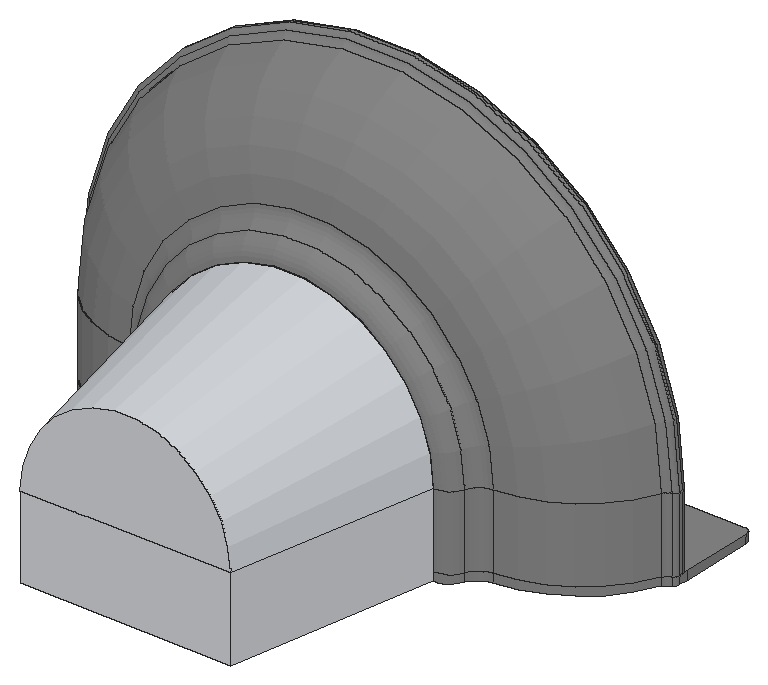
Revit family "Washfountain_3_Staion-Willoughby-WAF-3603-WALL", category Plumbing Fixtures, Revit 2015
Parameters (values of type "Standard")
  water line = Copper
  Waste Connection = no
  Vent Connection = no
  URL = "https://www.willoughby-ind.com/wp-content/uploads/2018/01/WAF-3603.pdf"
  Type Comments = ""
  Solid Surface Sink = Solid Surface Acrylic Resin-Willoughby
  Revision = "A"
  Model = "WAF-3603-WALL"
  Manufacturer = "Willoughby Industries"
  Lav Waste DIA = 1 1/2"
  Lav Waste Connection = yes
  LAV HW DIA = 1/2"
  LAV CW DIA = 1/2"
  HW Connection = yes
  Fixture Body = Stainless Steel AISI 304-Willoughby
  Description = "Wall Mounted 3 Station Washfountain"
  Default Elevation = 0' - 0"
  Contact = "(800) 428-4065"
  CW Connection = yes
Reference planes (in)
  plane 1 "Center (Front/Back)Floor HGT": y = 0
  plane 2: z = 0
  plane 3 "Center (Left/Right)": x = 0
  plane 4 "unit body HGT": y = 39
  plane 5: y = 39.5
  plane 6 "Sink HGT": y = 34
  plane 7 "Sink Drain": y = 20.5
  plane 8: x = -6.845
  plane 9: x = 6.845
  plane 10: x = -27
  plane 11: z = 27
  plane 12 "Splash Face": z = 0.5
  plane 13: z = 13.25
  plane 14: x = -13.25
  plane 15: x = 13.25
  plane 16 "Water Supply": y = 17
  plane 17 "Hot Supply": x = 4
  plane 18 "Cold Supply": x = 8
  plane 19 "bubbler HGT": y = 35.66
  plane 20: x = 8.5
  plane 21: y = 26.5
  plane 22: x = -18
  plane 23: x = 18
  plane 24: x = -18
  plane 25: x = 18
  plane 26: y = 26.5
  plane 27: y = 21.9375
  plane 28: z = 24.5
  plane 29: x = 18
  plane 30: x = -18
  plane 31 "Bowl Arc": z = 5
  plane 32: x = -1
  plane 33: x = -4
  plane 34 "Base HGT": y = 15
Forms (in)
  Extrusion 1, solid, material "Solid Surface Acrylic Resin-Willoughby" <- "Solid Surface Sink"
    sketch origin (0, 0, 0) x (1, 0, 0) y (0, 1, 0)
      loop
        line (-18, 34) -> (-18, 33.54)
        arc (-18, 33.54) -> (-17.93397, 33.32403) -> (-17.75847, 33.18191) r 0.38621
        arc (-17.75847, 33.18191) -> (-17.54572, 33.0411) -> (-17.40491, 32.82836) r 0.63983
        arc (-17.40491, 32.82836) -> (-14.86978, 29.58014) -> (-11, 28.165) r 7.48756
        arc (-11, 28.165) -> (-10.3473, 27.91757) -> (-9.9375, 27.3525) r 1.21847
        arc (-9.9375, 27.3525) -> (-9.45265, 26.72076) -> (-8.6875, 26.5) r 1.27482
        line (-8.6875, 26.5) -> (8.6875, 26.5)
        arc (8.6875, 26.5) -> (9.44401, 26.73341) -> (9.9375, 27.3525) r 1.34267
        arc (9.9375, 27.3525) -> (10.35539, 27.90699) -> (11, 28.165) r 1.29166
        arc (11, 28.165) -> (14.86978, 29.58014) -> (17.40491, 32.82836) r 7.48756
        arc (17.40491, 32.82836) -> (17.54572, 33.0411) -> (17.75847, 33.18191) r 0.63983
        arc (17.75847, 33.18191) -> (17.93397, 33.32403) -> (18, 33.54) r 0.38621
        line (18, 33.54) -> (18, 34) -> (18, 38.5)
        arc (18, 38.5) -> (17.85355, 38.85355) -> (17.5, 39) r 0.5
        line (17.5, 39) -> (0, 39) -> (-17.5, 39)
        arc (-17.5, 39) -> (-17.85355, 38.85355) -> (-18, 38.5) r 0.5
        line (-18, 38.5) -> (-18, 34)
    from 0 to 0.5
  Revolve 2, solid, material "Solid Surface Acrylic Resin-Willoughby" <- "Solid Surface Sink"
    sketch origin (0, 0, 5) x (1, 0, 0) y (0, 1, 0)
      loop
        line (18, 33.54) -> (18, 33.75)
        arc (18, 33.75) -> (17.92678, 33.92678) -> (17.75, 34) r 0.25
        arc (17.75, 34) -> (17.59277, 33.93487) -> (17.52764, 33.77764) r 0.22236
        arc (17.52764, 33.77764) -> (17.51299, 33.66399) -> (17.43525, 33.57981) r 0.1886
        arc (17.43525, 33.57981) -> (17.14057, 33.33951) -> (16.94132, 33.01566) r 1.13983
        arc (16.94132, 33.01566) -> (14.57548, 29.98435) -> (10.96411, 28.66371) r 6.98756
        arc (10.96411, 28.66371) -> (10.04796, 28.3181) -> (9.46929, 27.5282) r 1.71847
        arc (9.46929, 27.5282) -> (9.15925, 27.14443) -> (8.6875, 27) r 0.84267
        line (8.6875, 27) -> (0, 27) -> (0, 26.5) -> (8.6875, 26.5)
        arc (8.6875, 26.5) -> (9.44401, 26.73341) -> (9.9375, 27.3525) r 1.34267
        arc (9.9375, 27.3525) -> (10.3473, 27.91757) -> (11, 28.165) r 1.21847
        arc (11, 28.165) -> (14.86978, 29.58014) -> (17.40491, 32.82836) r 7.48756
        arc (17.40491, 32.82836) -> (17.54572, 33.0411) -> (17.75847, 33.18191) r 0.63983
        arc (17.75847, 33.18191) -> (17.93397, 33.32403) -> (18, 33.54) r 0.38621
      axis (0, 34) -> (0, 26.5)
    angle from 0 to -180
  Extrusion 3, solid, material "Solid Surface Acrylic Resin-Willoughby" <- "Solid Surface Sink", detail levels medium+fine
    sketch origin (0, 39, 1.75) x (-1, 0, 0) y (0, 0, 1)
      loop
        line (0, -1.75) -> (6.845, -1.75) -> (6.845, 1.24167) -> (5.04, 7.48)
        arc (5.04, 7.48) -> (4.17688, 8.92892) -> (2.59, 9.5) r 2.5
        line (2.59, 9.5) -> (0, 9.5) -> (-2.59, 9.5)
        arc (-2.59, 9.5) -> (-4.17688, 8.92892) -> (-5.04, 7.48) r 2.5
        line (-5.04, 7.48) -> (-6.845, 1.24167) -> (-6.845, -1.75) -> (0, -1.75)
    from 0 to 0.5
  Extrusion 4, solid, material "Solid Surface Acrylic Resin-Willoughby" <- "Solid Surface Sink", detail levels medium+fine
    sketch origin (0.09262, 39, 0) x (-1, 0, 0) y (0, 0, 1)
      loop
        line (-6.25, 2.95528) -> (-6.25, 0) -> (6.43762, 0) -> (6.43762, 3.00494) -> (4.66673, 9.12536)
        arc (4.66673, 9.12536) -> (3.85732, 10.29855) -> (2.50539, 10.75) r 2.25
        line (2.50539, 10.75) -> (0, 10.75) -> (-2.25348, 10.75)
        arc (-2.25348, 10.75) -> (-3.64532, 10.28523) -> (-4.47862, 9.07741) r 2.31641
        line (-4.47862, 9.07741) -> (-6.25, 2.95528)
    from 0 to -5
  Revolve 5, solid, material "Stainless Steel AISI 304-Willoughby" <- "Fixture Body", detail levels medium+fine
    sketch origin (0, 20.5, 0) x (-1, 0, 0) y (0, 0, 1)
      loop
        line (0, 0) -> (0.75, 0) -> (0.75, 3) -> (0, 3) -> (0, 0)
      axis (0, 3) -> (0, 0)
    angle from 0 to 360
  Revolve 6, solid, material "Copper" <- "water line", detail levels medium+fine
    sketch origin (-8, 17, 0) x (-1, 0, 0) y (0, 0, 1)
      loop
        line (-4, 0) -> (-3.75, 0) -> (-3.75, 3) -> (-4, 3) -> (-4, 0)
      axis (-4, 3) -> (-4, 0)
    angle from 0 to 360
  Revolve 7, solid, material "Copper" <- "water line", detail levels medium+fine
    sketch origin (-9, 17, 0) x (-1, 0, 0) y (0, 0, 1)
      loop
        line (-8, 0) -> (-7.75, 0) -> (-7.75, 3) -> (-8, 3) -> (-8, 0)
      axis (-8, 3) -> (-8, 0)
    angle from 0 to 360
  Revolve 8, solid, material "Stainless Steel AISI 304-Willoughby" <- "Fixture Body", detail levels fine
    sketch origin (0, 35.66, 1.75) x (-1, 0, 0) y (0, 0, 1)
      loop
        line (0, 9) -> (0.75, 9) -> (0.75, 9.5)
        arc (0.75, 9.5) -> (0.53033, 10.03033) -> (0, 10.25) r 0.75
        line (0, 10.25) -> (0, 9)
      axis (0, 10.25) -> (0, 9)
    angle from 0 to 360
  Revolve 9, solid, material "Stainless Steel AISI 304-Willoughby" <- "Fixture Body", detail levels fine
    sketch origin (0, 0, 1.75) x (0, 1, 0) y (0, 0, 1)
      loop
        line (34.91, 9.5) -> (35.26355, 9.85355) -> (34.91, 10.20711) -> (34.55645, 9.85355) -> (34.91, 9.5)
      axis (34.91, 10.20711) -> (35.26355, 9.85355)
    angle from 0 to 360
  Revolve 10, solid, material "Stainless Steel AISI 304-Willoughby" <- "Fixture Body", detail levels fine
    sketch origin (-3.23665, 35.66, 3.68155) x (-0.275637, 0, 0.961262) y (0.961262, 0, 0.275637)
      loop
        line (0, 9) -> (0.75, 9) -> (0.75, 9.5)
        arc (0.75, 9.5) -> (0.53033, 10.03033) -> (0, 10.25) r 0.75
        line (0, 10.25) -> (0, 9)
      axis (0, 10.25) -> (0, 9)
    angle from 0 to 360
  Revolve 11, solid, material "Stainless Steel AISI 304-Willoughby" <- "Fixture Body", detail levels fine
    sketch origin (-3.23665, 0, 3.68155) x (0, 1, 0) y (0.961262, 0, 0.275637)
      loop
        line (34.91, 9.5) -> (35.26355, 9.85355) -> (34.91, 10.20711) -> (34.55645, 9.85355) -> (34.91, 9.5)
      axis (34.91, 10.20711) -> (35.26355, 9.85355)
    angle from 0 to 360
  Revolve 12, solid, material "Stainless Steel AISI 304-Willoughby" <- "Fixture Body", detail levels fine
    sketch origin (3.23665, 35.66, 3.73945) x (0.275637, 0, 0.961262) y (-0.961262, 0, 0.275637)
      loop
        line (0, 9) -> (0.75, 9) -> (0.75, 9.5)
        arc (0.75, 9.5) -> (0.53033, 10.03033) -> (0, 10.25) r 0.75
        line (0, 10.25) -> (0, 9)
      axis (0, 10.25) -> (0, 9)
    angle from 0 to 360
  Revolve 13, solid, material "Stainless Steel AISI 304-Willoughby" <- "Fixture Body", detail levels fine
    sketch origin (3.23665, 0, 3.73945) x (0, 1, 0) y (0.961262, 0, -0.275637)
      loop
        line (34.91, -9.5) -> (34.55645, -9.85355) -> (34.91, -10.20711) -> (35.26355, -9.85355) -> (34.91, -9.5)
      axis (34.91, -10.20711) -> (35.26355, -9.85355)
    angle from 0 to 360
  Extrusion 14, solid, material "Solid Surface Acrylic Resin-Willoughby" <- "Solid Surface Sink"
    sketch origin (0, 0, 0.5) x (1, 0, 0) y (0, 1, 0)
      loop
        line (-8.6875, 26.5) -> (8.6875, 26.5)
        arc (8.6875, 26.5) -> (9.44401, 26.73341) -> (9.9375, 27.3525) r 1.34267
        arc (9.9375, 27.3525) -> (10.35539, 27.90699) -> (11, 28.165) r 1.29166
        arc (11, 28.165) -> (14.86978, 29.58014) -> (17.40491, 32.82836) r 7.48756
        arc (17.40491, 32.82836) -> (17.54572, 33.0411) -> (17.75847, 33.18191) r 0.63983
        arc (17.75847, 33.18191) -> (17.93397, 33.32403) -> (18, 33.54) r 0.38621
        line (18, 33.54) -> (18, 33.75)
        arc (18, 33.75) -> (17.92678, 33.92678) -> (17.75, 34) r 0.25
        arc (17.75, 34) -> (17.59277, 33.93487) -> (17.52764, 33.77764) r 0.22236
        arc (17.52764, 33.77764) -> (17.51299, 33.66399) -> (17.43525, 33.57981) r 0.1886
        arc (17.43525, 33.57981) -> (17.14057, 33.33951) -> (16.94132, 33.01566) r 1.13983
        arc (16.94132, 33.01566) -> (14.57548, 29.98435) -> (10.96411, 28.66371) r 6.98756
        arc (10.96411, 28.66371) -> (10.04796, 28.3181) -> (9.46929, 27.5282) r 1.71847
        arc (9.46929, 27.5282) -> (9.16493, 27.13602) -> (8.6875, 27) r 0.79718
        line (8.6875, 27) -> (-8.6875, 27)
        arc (-8.6875, 27) -> (-9.15925, 27.14443) -> (-9.46929, 27.5282) r 0.84267
        arc (-9.46929, 27.5282) -> (-10.05996, 28.30229) -> (-10.96411, 28.66371) r 1.8295
        arc (-10.96411, 28.66371) -> (-14.57548, 29.98435) -> (-16.94132, 33.01566) r 6.98756
        arc (-16.94132, 33.01566) -> (-17.14057, 33.33951) -> (-17.43525, 33.57981) r 1.13983
        arc (-17.43525, 33.57981) -> (-17.51299, 33.66399) -> (-17.52764, 33.77764) r 0.1886
        arc (-17.52764, 33.77764) -> (-17.59277, 33.93487) -> (-17.75, 34) r 0.22236
        arc (-17.75, 34) -> (-17.92678, 33.92678) -> (-18, 33.75) r 0.25
        line (-18, 33.75) -> (-18, 33.54)
        arc (-18, 33.54) -> (-17.93397, 33.32403) -> (-17.75847, 33.18191) r 0.38621
        arc (-17.75847, 33.18191) -> (-17.54572, 33.0411) -> (-17.40491, 32.82836) r 0.63983
        arc (-17.40491, 32.82836) -> (-14.86978, 29.58014) -> (-11, 28.165) r 7.48756
        arc (-11, 28.165) -> (-10.3473, 27.91757) -> (-9.9375, 27.3525) r 1.21847
        arc (-9.9375, 27.3525) -> (-9.44401, 26.73341) -> (-8.6875, 26.5) r 1.34267
    from 0 to 4.5
  Extrusion 15, solid
    sketch origin (0, 0, 0) x (1, 0, 0) y (0, 1, 0)
      loop
        line (-8.6875, 26.5) -> (-6.34375, 14.1875) -> (6.34375, 14.1875) -> (8.6875, 26.5) -> (-8.6875, 26.5)
    from 0 to 5
  Revolve 16, solid
    sketch origin (0, 0, 5) x (1, 0, 0) y (0, 1, 0)
      loop
        line (0, 26.5) -> (-8.6875, 26.5) -> (-6.34375, 14.1875) -> (0, 14.1875) -> (0, 26.5)
      axis (0, 26.5) -> (0, 14.1875)
    angle from 0 to -180
Lines and regions (in)
  symbolic lines
    curve 1: line (-17.5, 39, 0) -> (17.5, 39, 0)
    curve 4: line (6.2697, 39, 0) -> (6.845, 39, 0)
    curve 5: line (6.845, 39.5, 0) -> (-6.75, 39.5, 0)
    curve 6: line (-6.75, 39.5, 0) -> (-6.75, 39, 0)
    curve 9: line (0, 34, 22.67789) -> (0, 34, 0.5)
    curve 10: line (0, 34, 0.5) -> (0, 39, 0.5)
    curve 11: line (0, 39, 0.5) -> (0, 39, 0)
    curve 17: line (-18, 35.66, 0.5) -> (-18, 35.66, 0)
    curve 18: line (-18, 35.66, 0) -> (18, 35.66, 0)
    curve 19: line (6.845, 39.5, 0) -> (6.845, 39, 0)
    curve 20: line (0, 39.5, 11.25) -> (0, 39, 11.25)
    curve 21: line (0, 39, 11.25) -> (0, 39, 10.75)
    curve 22: line (0, 39, 10.75) -> (0, 34, 10.75)
    curve 23: arc (0, 34, 22.67789) -> (0, 33.95299, 22.89661) -> (0, 33.75569, 23.00209) r 0.26598
    curve 24: line (0, 33.75569, 23.00209) -> (0, 33.55418, 23.00209)
    curve 25: arc (0, 33.55418, 23.00209) -> (0, 33.33875, 22.94032) -> (0, 33.18878, 22.77377) r 0.40654
    curve 26: arc (0, 33.18878, 22.77377) -> (0, 33.05692, 22.56218) -> (0, 32.85504, 22.41587) r 0.64934
    curve 27: arc (0, 32.85504, 22.41587) -> (0, 29.5627, 19.86362) -> (0, 28.15276, 15.94373) r 7.45819
    curve 28: arc (0, 28.15276, 15.94373) -> (0, 27.91092, 15.31473) -> (0, 27.3525, 14.9375) r 1.12273
    curve 29: arc (0, 27.3525, 14.9375) -> (0, 26.73748, 14.44124) -> (0, 26.5, 13.6875) r 1.3666
    curve 30: line (0, 26.5, 13.6875) -> (0, 26.5, 0)
    curve 31: line (0, 26.5, 13.6875) -> (0, 21.93698, 13.6875)
    curve 32: line (0, 21.93698, 13.6875) -> (0, 21.93698, 0)
    curve 33: line (0, 14.97711, 0) -> (0, 14.97711, 11.25)
    curve 34: line (0, 14.97711, 11.25) -> (0, 21.93698, 11.25)
    curve 35: line (18, 35.66, 0) -> (18, 35.66, 5)
    curve 36: arc (18, 35.66, 5) -> (0, 35.66, 23) -> (-18, 35.66, 5) r 18
    curve 37: line (-18, 35.66, 5) -> (-18, 35.66, 0)
    curve 48: arc (-17.5, 39, 5) -> (-17.85355, 38.85355, 5) -> (-18, 38.5, 5) r 0.5
    curve 49: line (-18, 38.5, 5) -> (-18, 33.75, 5)
    curve 50: line (-18, 33.75, 5) -> (-18, 33.54, 5)
    curve 51: arc (-18, 33.54, 5) -> (-17.93397, 33.32403, 5) -> (-17.75847, 33.18191, 5) r 0.38621
    curve 52: arc (-17.75847, 33.18191, 5) -> (-17.54572, 33.0411, 5) -> (-17.40491, 32.82836, 5) r 0.63983
    curve 53: arc (-17.40491, 32.82836, 5) -> (-14.86978, 29.58014, 5) -> (-11, 28.165, 5) r 7.48756
    curve 54: arc (-11, 28.165, 5) -> (-10.3473, 27.91757, 5) -> (-9.9375, 27.3525, 5) r 1.21847
    curve 55: arc (-9.9375, 27.3525, 5) -> (-9.45265, 26.72076, 5) -> (-8.6875, 26.5, 5) r 1.27482
    curve 56: line (-8.6875, 26.5, 5) -> (8.6875, 26.5, 5)
    curve 57: arc (8.6875, 26.5, 5) -> (9.44401, 26.73341, 5) -> (9.9375, 27.3525, 5) r 1.34267
    curve 58: arc (9.9375, 27.3525, 5) -> (10.35539, 27.90699, 5) -> (11, 28.165, 5) r 1.29166
    curve 59: arc (11, 28.165, 5) -> (14.86978, 29.58014, 5) -> (17.40491, 32.82836, 5) r 7.48756
    curve 60: arc (17.40491, 32.82836, 5) -> (17.54572, 33.0411, 5) -> (17.75847, 33.18191, 5) r 0.63983
    curve 61: arc (17.75847, 33.18191, 5) -> (17.93397, 33.32403, 5) -> (18, 33.54, 5) r 0.38621
    curve 62: line (18, 33.54, 5) -> (18, 33.75, 5)
    curve 63: line (18, 33.75, 5) -> (18, 38.5, 5)
    curve 64: arc (18, 38.5, 5) -> (17.85355, 38.85355, 5) -> (17.5, 39, 5) r 0.5
    curve 65: line (0, 14.97711, 0) -> (0, 39, 0)
    curve 66: arc (-18, 33.75, 5) -> (-17.92678, 33.92678, 5) -> (-17.75, 34, 5) r 0.25
    curve 67: line (-17.75, 34, 5) -> (17.75, 34, 5)
    curve 68: arc (17.75, 34, 5) -> (17.92678, 33.92678, 5) -> (18, 33.75, 5) r 0.25
    curve 69: line (8.6875, 26.5, 5) -> (8.6875, 21.93698, 5)
    curve 70: line (8.6875, 21.93698, 5) -> (-8.6875, 21.93698, 5)
    curve 71: line (-8.6875, 21.93698, 5) -> (-8.6875, 26.5, 5)
    curve 72: line (6.25, 21.93698, 5) -> (6.25, 14.97711, 5)
    curve 73: line (6.25, 14.97711, 5) -> (-6.25, 14.97711, 5)
    curve 74: line (-6.25, 14.97711, 5) -> (-6.25, 21.93698, 5)
    curve 75: line (0, 39.5, 11.25) -> (0, 39.5, 0)
    curve 76: line (0, 39.5, 0) -> (0, 39, 0)
  symbolic lines, detail levels fine
    curve 2: line (-6.2697, 34, 0) -> (-6.2697, 39, 0)
    curve 3: line (6.2697, 39, 0) -> (6.2697, 34, 0)
    curve 7: line (-2.61165, 34, 0) -> (-2.61165, 39, 0)
    curve 8: line (2.59, 34, 0) -> (2.59, 39, 0)
    curve 12: line (0, 39.5, 11.25) -> (0, 39.5, 0)
    curve 13: line (0, 39.5, 0) -> (0, 39, 0)
    curve 14: line (0, 39, 11.25) -> (0, 39, 0)
    curve 15: line (0, 34, 9) -> (0, 39, 9)
    curve 41: line (6.845, 35.66, 0.5) -> (6.845, 35.66, 2.99167)
    curve 42: line (6.845, 35.66, 2.99167) -> (5.04, 35.66, 9.23)
    curve 43: arc (5.04, 35.66, 9.23) -> (4.17688, 35.66, 10.67892) -> (2.59, 35.66, 11.25) r 2.5
    curve 44: line (2.59, 35.66, 11.25) -> (-2.59, 35.66, 11.25)
    curve 45: arc (-2.59, 35.66, 11.25) -> (-4.17768, 35.66, 10.67988) -> (-5.04, 35.66, 9.23) r 2.49577
    curve 46: line (-5.04, 35.66, 9.23) -> (-6.845, 35.66, 2.99167)
    curve 47: line (-6.845, 35.66, 2.99167) -> (-6.845, 35.66, 0.5)
  symbolic lines, detail levels medium+fine
    curve 16: line (18, 35.66, 0.5) -> (-18, 35.66, 0.5)
    curve 38: line (9.46929, 35.66, 0.5) -> (9.46929, 35.66, 5)
    curve 39: arc (9.46929, 35.66, 5) -> (0, 35.66, 14.46929) -> (-9.46929, 35.66, 5) r 9.46929
    curve 40: line (-9.46929, 35.66, 5) -> (-9.46929, 35.66, 0.5)
Dimensions and locks (in)
  equal spacing: plane 8, plane 3 "Center (Left/Right)", plane 9
  plane 8 to plane 9 = 1' - 1.69"
  plane 10 to plane 3 "Center (Left/Right)" = 2' - 3"
  plane 1 "Center (Front/Back)Floor HGT" to plane 6 "Sink HGT" = 2' - 10"
  plane 1 "Center (Front/Back)Floor HGT" to plane 5 = 3' - 3 1/2"  (x2)
  plane 5 to plane 6 "Sink HGT" = 0' - 5 1/2"
  plane 14 to plane 15 = 2' - 2 1/2"
  plane 8 to plane 18 "Cold Supply" = 1' - 2.845"
  plane 3 "Center (Left/Right)" to plane 15 = 1' - 1 1/4"
  plane 3 "Center (Left/Right)" to plane 20 = 0' - 8 1/2"
  plane 22 to plane 3 "Center (Left/Right)" = 1' - 6"
  plane 3 "Center (Left/Right)" to plane 23 = 1' - 6"
  plane 24 to plane 25 = 3' - 0"
  plane 6 "Sink HGT" to plane 26 = 0' - 7 1/2"
  plane 26 to plane 27 = 0' - 4 9/16"
  plane 12 "Splash Face" to plane 13 = 1' - 0 3/4"
  plane 29 to plane 30 = 3' - 0"
  plane 12 "Splash Face" to plane 28 = 2' - 0"
  plane 1 "Center (Front/Back)Floor HGT" to plane 16 "Water Supply" = 1' - 5"
  plane 1 "Center (Front/Back)Floor HGT" to plane 7 "Sink Drain" = 1' - 8 1/2"
  plane 17 "Hot Supply" to plane 3 "Center (Left/Right)" = 0' - 4"
  plane 32 to plane 3 "Center (Left/Right)" = 0' - 1"
  plane 33 to plane 3 "Center (Left/Right)" = 0' - 4"
  plane 16 "Water Supply" to plane 34 "Base HGT" = 0' - 2"
  plane 7 "Sink Drain" to plane 1 "Center (Front/Back)Floor HGT" = 1' - 8 1/2"
  plane 1 "Center (Front/Back)Floor HGT" to plane 34 "Base HGT" = 1' - 3"
  aligned and locked: Revolve 5 sketch curve to Revolve 5 sketch curve
  aligned and locked: Revolve 6 sketch curve to Revolve 6 sketch curve  (x2)
  aligned and locked: Revolve 7 sketch curve to Revolve 7 sketch curve  (x2)
  aligned and locked: Revolve 9 sketch curve to Revolve 9 sketch curve  (x3)
  aligned and locked: Revolve 11 sketch curve to Revolve 11 sketch curve  (x3)
  aligned and locked: Revolve 13 sketch curve to Revolve 13 sketch curve  (x3)
  aligned and locked: Extrusion 3 to curve 14
  aligned and locked: curve 19 to Extrusion 3
  aligned and locked: Extrusion 15 to Revolve 2
  aligned and locked: Revolve 16 sketch curve to Revolve 16 sketch curve  (x2)
Automatic sketch dimensions
  level to Extrusion 3 sketch curve = 0' - 0"
  Extrusion 3 sketch curve to plane 3 "Center (Left/Right)" = 0' - 0"  (x2)
  plane 17 "Hot Supply" to Extrusion 3 sketch curve = 0' - 1.41349"
  plane 17 "Hot Supply" to Extrusion 3 sketch curve = 0' - 1.41"
  Extrusion 3 sketch curve to plane 17 "Hot Supply" = 0' - 1.04"
  plane 9 to Extrusion 3 sketch curve = 0' - 0"
  Extrusion 3 sketch curve to plane 3 "Center (Left/Right)" = 0' - 2.58651"
  Extrusion 3 sketch curve to Extrusion 3 sketch curve = 0' - 0.00349"
  Extrusion 3 sketch curve to plane 8 = 0' - 1.805"
  Extrusion 3 sketch curve to plane 8 = 0' - 0"
  plane 12 "Splash Face" to Extrusion 3 sketch curve = 0' - 2.49167"  (x2)
  Extrusion 3 sketch curve to plane 13 = 0' - 4 1/2"
  Extrusion 3 sketch curve to Extrusion 3 sketch curve = 0' - 0"
  Extrusion 3 sketch curve to Extrusion 3 sketch curve = 0' - 0.48"
  Revolve 5 sketch curve to level = 0' - 0"  (x2)
  Revolve 5 sketch curve to plane 3 "Center (Left/Right)" = 0' - 0"
  Revolve 5 sketch curve to Revolve 5 sketch curve = 0' - 0 3/4"
  plane 12 "Splash Face" to Revolve 5 sketch curve = 0' - 2 1/2"
  Revolve 5 sketch curve to Revolve 5 sketch curve = 0' - 0"
  Revolve 6 sketch curve to level = 0' - 0"  (x2)
  plane 17 "Hot Supply" to Revolve 6 sketch curve = 0' - 8"
  plane 17 "Hot Supply" to Revolve 6 sketch curve = 0' - 8 1/4"
  plane 12 "Splash Face" to Revolve 6 sketch curve = 0' - 2 1/2"
  Revolve 7 sketch curve to level = 0' - 0"  (x2)
  plane 18 "Cold Supply" to Revolve 7 sketch curve = 0' - 9"
  plane 18 "Cold Supply" to Revolve 7 sketch curve = 0' - 9 1/4"
  plane 12 "Splash Face" to Revolve 7 sketch curve = 0' - 2 1/2"
  Revolve 8 sketch curve to plane 3 "Center (Left/Right)" = 0' - 0"  (x2)
  Revolve 8 sketch curve to Revolve 8 sketch curve = 0' - 0 3/4"
  Revolve 8 sketch curve to plane 13 = 0' - 2 1/2"
  Revolve 8 sketch curve to Revolve 8 sketch curve = 0' - 0 1/2"
  Revolve 8 sketch curve to Revolve 8 sketch curve = 0' - 0"  (x2)
  plane 6 "Sink HGT" to Revolve 9 sketch curve = 0' - 0.55645"
  Revolve 9 sketch curve to Revolve 9 sketch curve = 0' - 0.35355"  (x3)
  Revolve 9 sketch curve to plane 13 = 0' - 2"
  Revolve 10 sketch curve to plane 17 "Hot Supply" = 0' - 1.4147"
  plane 12 "Splash Face" to Revolve 10 sketch curve = 0' - 5.66228"
  Revolve 10 sketch curve to Revolve 10 sketch curve = 0' - 0 3/4"
  Revolve 10 sketch curve to Revolve 10 sketch curve = 0' - 0 1/2"
  Revolve 10 sketch curve to Revolve 10 sketch curve = 0' - 0"  (x3)
  plane 6 "Sink HGT" to Revolve 11 sketch curve = 0' - 0.55645"
  Revolve 11 sketch curve to Revolve 11 sketch curve = 0' - 0.35355"  (x3)
  plane 8 to Revolve 12 sketch curve = 0' - 1.4303"
  Revolve 12 sketch curve to plane 12 "Splash Face" = 0' - 5.72019"
  Revolve 12 sketch curve to Revolve 12 sketch curve = 0' - 0 3/4"
  Revolve 12 sketch curve to Revolve 12 sketch curve = 0' - 0 1/2"
  Revolve 12 sketch curve to Revolve 12 sketch curve = 0' - 0"  (x3)
  plane 6 "Sink HGT" to Revolve 13 sketch curve = 0' - 0.55645"
  Revolve 13 sketch curve to Revolve 13 sketch curve = 0' - 0.35355"  (x3)
  curve 1 to plane 4 "unit body HGT" = 0' - 0"
  curve 5 to plane 5 = 0' - 0"
  curve 4 to plane 4 "unit body HGT" = 0' - 0"
  curve 5 to plane 8 = 0' - 0.095"
  plane 14 to curve 1 = 0' - 4 1/4"
  curve 6 to curve 2 = 0' - 0.4803"
  curve 7 to plane 3 "Center (Left/Right)" = 0' - 2.61165"
  plane 17 "Hot Supply" to curve 8 = 0' - 1.41"
  plane 9 to curve 3 = 0' - 0.5753"
  curve 1 to plane 15 = 0' - 4 1/4"
  curve 8 to plane 6 "Sink HGT" = 0' - 0"
  curve 3 to plane 6 "Sink HGT" = 0' - 0"
  curve 2 to plane 6 "Sink HGT" = 0' - 0"
  curve 7 to plane 6 "Sink HGT" = 0' - 0"
  Extrusion 1 sketch curve to plane 6 "Sink HGT" = 0' - 0"  (x2)
  Extrusion 1 sketch curve to plane 24 = 0' - 0"
  Extrusion 1 sketch curve to plane 4 "unit body HGT" = 0' - 0"
  Extrusion 1 sketch curve to plane 26 = 0' - 0"
  Extrusion 1 sketch curve to plane 3 "Center (Left/Right)" = 0' - 0"
  Extrusion 1 sketch curve to plane 25 = 0' - 0"
  Extrusion 1 sketch curve to plane 24 = 0' - 0.00185"
  Extrusion 1 sketch curve to Extrusion 1 sketch curve = 0' - 0.38621"
  Extrusion 1 sketch curve to plane 24 = 0' - 0 1/2"
  plane 26 to Extrusion 1 sketch curve = 0' - 0.44967"
  Extrusion 1 sketch curve to plane 14 = 0' - 2.16254"
  Extrusion 1 sketch curve to plane 19 "bubbler HGT" = 0' - 0.02675"  (x2)
  Extrusion 1 sketch curve to plane 14 = 0' - 2.78743"
  plane 8 to Extrusion 1 sketch curve = 0' - 1.88936"
  Extrusion 1 sketch curve to Extrusion 1 sketch curve = 0' - 0 3/64"
  Extrusion 1 sketch curve to plane 18 "Cold Supply" = 0' - 0 11/16"
  plane 26 to Extrusion 1 sketch curve = 0' - 0.38095"
  Extrusion 1 sketch curve to Extrusion 1 sketch curve = 0' - 0 1/2"
  plane 25 to Extrusion 1 sketch curve = 0' - 0.38621"
  plane 25 to Extrusion 1 sketch curve = 0' - 0.00185"
  plane 26 to Extrusion 1 sketch curve = 0' - 1.27396"
  plane 26 to Extrusion 1 sketch curve = 0' - 1.34267"
  Extrusion 1 sketch curve to plane 6 "Sink HGT" = 0' - 1.41132"  (x2)
  Extrusion 1 sketch curve to plane 6 "Sink HGT" = 0' - 0.46"  (x2)
  Extrusion 1 sketch curve to Extrusion 1 sketch curve = 0' - 0"  (x6)
  Extrusion 1 sketch curve to Extrusion 1 sketch curve = 0' - 0.14001"
  Extrusion 1 sketch curve to Extrusion 1 sketch curve = 0' - 0.35355"
  Revolve 2 sketch curve to Revolve 2 sketch curve = 0' - 0"  (x13)
  Revolve 2 sketch curve to plane 3 "Center (Left/Right)" = 0' - 0"  (x2)
  Revolve 2 sketch curve to plane 21 = 0' - 0"  (x2)
  Revolve 2 sketch curve to plane 6 "Sink HGT" = 0' - 0"  (x2)
  Revolve 2 sketch curve to plane 23 = 0' - 0"
  Revolve 2 sketch curve to plane 20 = 0' - 0 3/16"
  Revolve 2 sketch curve to plane 19 "bubbler HGT" = 0' - 0.02675"
  Revolve 2 sketch curve to plane 20 = 0' - 1.96257"
  plane 21 to Revolve 2 sketch curve = 0' - 0.44967"
  plane 15 to Revolve 2 sketch curve = 0' - 2.16254"
  Revolve 2 sketch curve to plane 6 "Sink HGT" = 0' - 0.2562"
  plane 23 to Revolve 2 sketch curve = 0' - 0.65789"
  Revolve 2 sketch curve to Revolve 2 sketch curve = 0' - 0.27168"
  plane 23 to Revolve 2 sketch curve = 0' - 0 1/4"
  plane 23 to Revolve 2 sketch curve = 0' - 0.00185"
  plane 21 to Revolve 2 sketch curve = 0' - 0 1/2"
  Revolve 2 sketch curve to Revolve 2 sketch curve = 0' - 0.84267"
  Revolve 2 sketch curve to Revolve 2 sketch curve = 0' - 1.16132"
  Revolve 2 sketch curve to Revolve 2 sketch curve = 0' - 0.21"
  Revolve 2 sketch curve to Revolve 2 sketch curve = 0' - 0.02764"
  Revolve 2 sketch curve to Revolve 2 sketch curve = 0' - 0.78179"
  Revolve 2 sketch curve to Revolve 2 sketch curve = 0' - 0.46821"
  Extrusion 14 sketch curve to Extrusion 14 sketch curve = 0' - 0"  (x21)
  Extrusion 14 sketch curve to plane 30 = 0' - 0"
  Extrusion 14 sketch curve to plane 6 "Sink HGT" = 0' - 0"  (x4)
  Extrusion 14 sketch curve to plane 26 = 0' - 0"
  Extrusion 14 sketch curve to plane 29 = 0' - 0"
  plane 30 to Extrusion 14 sketch curve = 0' - 0.00185"
  plane 30 to Extrusion 14 sketch curve = 0' - 0 1/4"
  Extrusion 14 sketch curve to Extrusion 14 sketch curve = 0' - 0.13621"
  Extrusion 14 sketch curve to Extrusion 14 sketch curve = 0' - 0.27168"  (x2)
  plane 26 to Extrusion 14 sketch curve = 0' - 0.34545"
  Extrusion 14 sketch curve to plane 14 = 0' - 2.08338"
  Extrusion 14 sketch curve to Extrusion 14 sketch curve = 0' - 0.07917"
  Extrusion 14 sketch curve to plane 19 "bubbler HGT" = 0' - 0.02675"  (x2)
  plane 8 to Extrusion 14 sketch curve = 0' - 1.8425"
  Extrusion 14 sketch curve to plane 18 "Cold Supply" = 0' - 0 11/16"
  Extrusion 14 sketch curve to Extrusion 14 sketch curve = 0' - 0.03115"
  Extrusion 14 sketch curve to plane 18 "Cold Supply" = 0' - 2.46257"
  plane 26 to Extrusion 14 sketch curve = 0' - 0.44967"
  plane 15 to Extrusion 14 sketch curve = 0' - 2.16254"
  Extrusion 14 sketch curve to Extrusion 14 sketch curve = 0' - 0.05255"
  Extrusion 14 sketch curve to plane 6 "Sink HGT" = 0' - 0.2562"  (x2)
  Extrusion 14 sketch curve to plane 29 = 0' - 0.65789"
  Extrusion 14 sketch curve to plane 6 "Sink HGT" = 0' - 0 1/4"
  Extrusion 14 sketch curve to plane 29 = 0' - 0.00185"
  Extrusion 14 sketch curve to Extrusion 14 sketch curve = 0' - 0.06872"
  Extrusion 14 sketch curve to Extrusion 14 sketch curve = 0' - 0.10422"
  plane 26 to Extrusion 14 sketch curve = 0' - 0 1/2"
  Extrusion 14 sketch curve to Extrusion 14 sketch curve = 0' - 0.79657"
  Extrusion 14 sketch curve to Extrusion 14 sketch curve = 0' - 0.0461"
  Extrusion 14 sketch curve to Extrusion 14 sketch curve = 0' - 0.84267"
  Extrusion 14 sketch curve to Extrusion 14 sketch curve = 0' - 1.16132"  (x2)
  Extrusion 14 sketch curve to Extrusion 14 sketch curve = 0' - 0.21"  (x2)
  Extrusion 14 sketch curve to Extrusion 14 sketch curve = 0' - 0.02764"  (x2)
  Extrusion 14 sketch curve to Extrusion 14 sketch curve = 0' - 0.03589"  (x2)
  Extrusion 14 sketch curve to Extrusion 14 sketch curve = 0' - 0.46821"
  Extrusion 4 sketch curve to level = 0' - 0"
  plane 9 to Extrusion 4 sketch curve = 0' - 0.50238"
  Extrusion 4 sketch curve to plane 17 "Hot Supply" = 0' - 0.57124"
  plane 17 "Hot Supply" to Extrusion 4 sketch curve = 0' - 1.6539"
  plane 3 "Center (Left/Right)" to Extrusion 4 sketch curve = 0' - 0.09262"
  Extrusion 4 sketch curve to plane 3 "Center (Left/Right)" = 0' - 2.41277"
  Extrusion 4 sketch curve to Extrusion 4 sketch curve = 0' - 2.16135"
  Extrusion 4 sketch curve to plane 8 = 0' - 0 1/2"
  Extrusion 4 sketch curve to plane 31 "Bowl Arc" = 0' - 2.04472"
  Extrusion 4 sketch curve to plane 31 "Bowl Arc" = 0' - 1.99506"
  plane 31 "Bowl Arc" to Extrusion 4 sketch curve = 0' - 3 111/256"
  Extrusion 4 sketch curve to Extrusion 4 sketch curve = 0' - 0 17/256"
  Extrusion 4 sketch curve to Extrusion 4 sketch curve = 0' - 0.62536"
  curve 36 to curve 39 = 0' - 0"  (x2)
  curve 35 to plane 29 = 0' - 0"
  curve 38 to plane 31 "Bowl Arc" = 0' - 0"
  plane 9 to curve 41 = 0' - 0"
  curve 39 to plane 3 "Center (Left/Right)" = 0' - 0"
  plane 8 to curve 47 = 0' - 0"
  curve 35 to level = 0' - 0"
  curve 47 to plane 12 "Splash Face" = 0' - 0"
  curve 38 to plane 18 "Cold Supply" = 0' - 1.46929"
  curve 42 to plane 17 "Hot Supply" = 0' - 1.04"
  plane 17 "Hot Supply" to curve 44 = 0' - 1.41"
  plane 17 "Hot Supply" to curve 43 = 0' - 1.41349"
  curve 45 to plane 33 = 0' - 1.41"
  plane 33 to curve 46 = 0' - 1.04"
  curve 42 to plane 31 "Bowl Arc" = 0' - 2.00833"
  plane 31 "Bowl Arc" to curve 43 = 0' - 3 3/4"
  curve 39 to curve 45 = 0' - 3.75423"
  curve 43 to curve 42 = 0' - 0.48"
  curve 46 to plane 31 "Bowl Arc" = 0' - 2.00833"
  curve 50 to plane 30 = 0' - 0"
  curve 66 to plane 6 "Sink HGT" = 0' - 0"
  curve 48 to plane 4 "unit body HGT" = 0' - 0"
  curve 71 to plane 26 = 0' - 0"
  curve 64 to plane 4 "unit body HGT" = 0' - 0"
  curve 62 to plane 29 = 0' - 0"
  plane 30 to curve 52 = 0' - 0.00185"
  curve 66 to curve 66 = 0' - 0 1/4"
  curve 66 to curve 51 = 0' - 0.13621"
  curve 48 to curve 48 = 0' - 0 1/2"
  plane 26 to curve 54 = 0' - 0.44967"
  curve 54 to plane 14 = 0' - 2.16254"
  curve 53 to plane 19 "bubbler HGT" = 0' - 0.02675"
  curve 53 to plane 14 = 0' - 2.78743"
  plane 8 to curve 55 = 0' - 1.88936"
  plane 8 to curve 71 = 0' - 1.8425"
  curve 73 to plane 34 "Base HGT" = 0' - 0.02289"
  plane 9 to curve 73 = 0' - 0.595"
  curve 57 to plane 18 "Cold Supply" = 0' - 0 11/16"
  curve 59 to plane 19 "bubbler HGT" = 0' - 0.02675"
  curve 59 to plane 18 "Cold Supply" = 0' - 2.46257"
  plane 26 to curve 58 = 0' - 0.38095"
  plane 15 to curve 58 = 0' - 2.10999"
  curve 64 to plane 4 "unit body HGT" = 0' - 0 1/2"
  curve 61 to curve 61 = 0' - 0.38621"
  curve 68 to curve 62 = 0' - 0 1/4"
  curve 60 to plane 29 = 0' - 0.00185"
  plane 26 to curve 55 = 0' - 1.27396"
  plane 26 to curve 57 = 0' - 1.34267"
  curve 52 to curve 49 = 0' - 1.16132"
  curve 60 to curve 68 = 0' - 1.16132"
  curve 62 to curve 68 = 0' - 0.21"
  curve 50 to curve 49 = 0' - 0.21"
  curve 52 to curve 51 = 0' - 0"
  curve 53 to curve 52 = 0' - 0"
  curve 54 to curve 53 = 0' - 0"
  curve 73 to plane 8 = 0' - 0.595"
  curve 58 to curve 57 = 0' - 0"
  curve 59 to curve 58 = 0' - 0.14001"
  curve 60 to curve 59 = 0' - 0"
  curve 74 to plane 27 = 0' - 0.00052"
  curve 33 to level = 0' - 0"
  curve 30 to plane 26 = 0' - 0"
  curve 9 to plane 6 "Sink HGT" = 0' - 0"
  curve 76 to plane 5 = 0' - 0"
  curve 9 to plane 12 "Splash Face" = 0' - 0"
  curve 31 to plane 27 = 0' - 0.00052"
  curve 34 to plane 34 "Base HGT" = 0' - 0.02289"
  plane 26 to curve 28 = 0' - 0.5322"
  plane 13 to curve 29 = 0' - 0.42125"
  plane 26 to curve 29 = 0' - 1.36651"
  curve 26 to plane 6 "Sink HGT" = 0' - 1 107/256"
  curve 24 to plane 6 "Sink HGT" = 0' - 0.44582"
  curve 25 to curve 23 = 0' - 0.18638"
  curve 25 to curve 24 = 0' - 0.20151"
  curve 27 to plane 19 "bubbler HGT" = 0' - 0.0635"
  curve 22 to plane 13 = 0' - 2 1/2"
  curve 21 to curve 21 = 0' - 0 1/2"
  curve 34 to plane 13 = 0' - 2"
  plane 13 to curve 31 = 0' - 0 7/16"
  plane 13 to curve 27 = 0' - 2.22981"
  curve 29 to curve 28 = 0' - 2.32607"
  curve 25 to plane 28 = 0' - 1.90445"
  curve 25 to curve 9 = 0' - 0.08234"
  curve 25 to curve 23 = 0' - 0.14099"
  curve 24 to curve 26 = 0' - 0.00293"
  plane 26 to curve 28 = 0' - 0.8525"
  curve 27 to curve 28 = 0' - 0"
  curve 26 to curve 26 = 0' - 0.27302"
  curve 15 to curve 22 = 0' - 1 3/4"
  Extrusion 15 sketch curve to plane 26 = 0' - 0"
  Extrusion 15 sketch curve to plane 8 = 0' - 0.50125"
  plane 8 to Extrusion 15 sketch curve = 0' - 1.8425"
  Extrusion 15 sketch curve to plane 34 "Base HGT" = 0' - 0 13/16"
  plane 9 to Extrusion 15 sketch curve = 0' - 0.50125"
  Extrusion 15 sketch curve to plane 18 "Cold Supply" = 0' - 0 11/16"
  Revolve 16 sketch curve to plane 26 = 0' - 0"
  Revolve 16 sketch curve to plane 3 "Center (Left/Right)" = 0' - 0"
  Revolve 16 sketch curve to plane 8 = 0' - 0.50125"
  plane 8 to Revolve 16 sketch curve = 0' - 1.8425"
  Revolve 16 sketch curve to plane 34 "Base HGT" = 0' - 0 13/16"
  Revolve 16 sketch curve to Revolve 16 sketch curve = 0' - 0"
Connectors (in)
  piping at (-4, 17, 0), diameter 0.5, driven by "LAV HW DIA", driven by "HW Connection"
    settings: on Revolve 6, index 2, connector inside diameter 24", connector length 0' - 0", flow factor 0, pipe flow 0 GPM, pressure drop 0.00 psi, fitting loss kfactor 0, connector angle 0.00°, fixture units 0, engagement length 0' - 0", angle of deflection 0.00°, flow configuration 0, flow direction 1, fitting loss method 0, system type 19, joint type 0, gender type 0, connector reference index -1, connector utility 1, adjustable connector no, is connector primary yes, connector description "Hot Water Inlet"
  piping at (-1, 17, 0), diameter 0.5, driven by "LAV CW DIA", driven by "CW Connection"
    settings: on Revolve 7, index 3, connector inside diameter 24", connector length 0' - 0", flow factor 0, pipe flow 0 GPM, pressure drop 0.00 psi, fitting loss kfactor 0, connector angle 0.00°, fixture units 0, engagement length 0' - 0", angle of deflection 0.00°, flow configuration 0, flow direction 1, fitting loss method 0, system type 20, joint type 0, gender type 0, connector reference index -1, connector utility 1, adjustable connector no, is connector primary no, connector description "Cold Waster inlet"
  piping at (0, 20.5, 0), diameter 1.5, driven by "Lav Waste DIA", driven by "Lav Waste Connection"
    settings: on Revolve 5, index 4, connector inside diameter 24", connector length 0' - 0", flow factor 0, pipe flow 0 GPM, pressure drop 0.00 psi, fitting loss kfactor 0, connector angle 0.00°, fixture units 0, engagement length 0' - 0", angle of deflection 0.00°, flow configuration 0, flow direction 2, fitting loss method 0, system type 16, joint type 0, gender type 0, connector reference index -1, connector utility 1, adjustable connector no, is connector primary no, connector description "Sink Waste"
